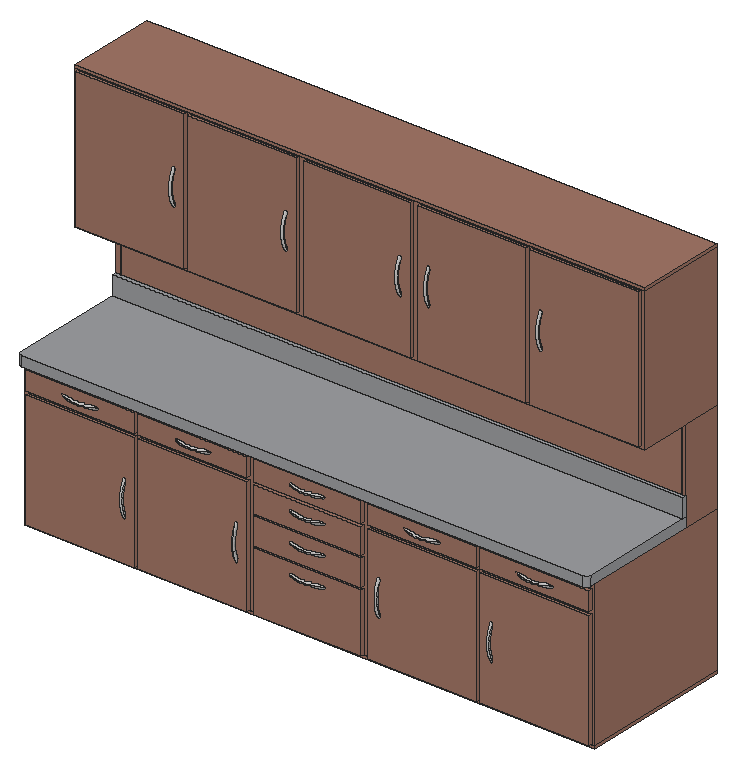
Revit family
Parameters (values of type "Mobile Cabinet")
  Depth = 2' - 0"
  Height = 3' - 0"
  Width = 4' - 0"
  Assembly Code = ""
Reference planes (in)
  plane 1 "Back": y = 0
  plane 2: z = 0
  plane 3 "Center (Left/Right)": x = 0.7377
  plane 4 "Left": x = -23.2623
  plane 5 "Right": x = 24.7377
  plane 6 "Front": y = -24
  plane 7 "Top": z = 36
Forms (in)
  Extrusion 1, solid, material "Cabinets"
    sketch origin (0, 0, 0) x (1, 0, 0) y (0, 1, 0)
      loop
        line (-23.2623, 4) -> (-27.2623, 4) -> (-27.2623, -28) -> (92.7377, -28) -> (92.7377, 4) -> (-23.2623, 4)
    from 3.95312 to 4.5
  Sweep 2, solid, material "Cabinets"
    path origin (0, 0, 0) x (1, 0, 0) y (0, 1, 0)
      loop
        line (92.7377, 4) -> (92.7377, -28) -> (-27.2623, -28) -> (-27.2623, 4)
    profile origin (-27.2623, -12, 0) x (-1, 0, 0) y (0, 0, 1)
      loop
        line (0, 4.5) -> (0, 35) -> (-1, 35) -> (-1, 4.5) -> (0, 4.5)
  Extrusion 3, solid, material "Cabinets"
    sketch origin (0, 0, 80.54687) x (1, 0, 0) y (0, 1, 0)
      loop
        line (-23.2623, 4) -> (-27.2623, 4) -> (-27.2623, -15) -> (92.7377, -15) -> (92.7377, 4) -> (-23.2623, 4)
    from 3.95312 to 4.5
  Extrusion 4, void
    sketch origin (0, -24, 0) x (1, 0, 0) y (0, 0, 1)
      loop
        line (-26.0123, 30) -> (-3.8873, 30) -> (-3.8873, 33.5) -> (-26.0123, 33.5) -> (-26.0123, 30)
      loop
        line (-2.3873, 30) -> (19.7377, 30) -> (19.7377, 33.5) -> (-2.3873, 33.5) -> (-2.3873, 30)
      loop
        line (45.9877, 30) -> (68.1127, 30) -> (68.1127, 33.5) -> (45.9877, 33.5) -> (45.9877, 30)
      loop
        line (69.6127, 30) -> (91.7377, 30) -> (91.7377, 33.5) -> (69.6127, 33.5) -> (69.6127, 30)
      loop
        line (21.7377, 33.5) -> (21.7377, 29.75) -> (43.7377, 29.75) -> (43.7377, 33.5) -> (21.7377, 33.5)
      loop
        line (21.7377, 28.75) -> (21.7377, 23.75) -> (43.7377, 23.75) -> (43.7377, 28.75) -> (21.7377, 28.75)
      loop
        line (43.7377, 22.75) -> (21.7377, 22.75) -> (21.7377, 17.75) -> (43.7377, 17.75) -> (43.7377, 22.75)
      loop
        line (45.7377, 28.75) -> (45.7377, 4.75) -> (68.1127, 4.75) -> (68.1127, 28.75) -> (45.7377, 28.75)
      loop
        line (21.7377, 4.75) -> (43.7377, 4.75) -> (43.7377, 16.75) -> (21.7377, 16.75) -> (21.7377, 4.75)
      loop
        line (69.3627, 28.75) -> (69.3627, 4.75) -> (91.7377, 4.75) -> (91.7377, 28.75) -> (69.3627, 28.75)
      loop
        line (-2.6373, 28.75) -> (-2.6373, 4.75) -> (19.7377, 4.75) -> (19.7377, 28.75) -> (-2.6373, 28.75)
      loop
        line (-26.2623, 28.75) -> (-26.2623, 4.75) -> (-3.8873, 4.75) -> (-3.8873, 28.75) -> (-26.2623, 28.75)
    from -3.34673 to 4.5
  Extrusion 5, solid, material "Cabinets"
    sketch origin (0, -24, 0) x (1, 0, 0) y (0, 0, 1)
      loop
        line (-26.5123, 29) -> (-26.5123, 4.5) -> (-3.6373, 4.5) -> (-3.6373, 29) -> (-26.5123, 29)
      loop
        line (-26.5123, 33.75) -> (-26.5123, 29.75) -> (-3.6373, 29.75) -> (-3.6373, 33.75) -> (-26.5123, 33.75)
      loop
        line (-2.8873, 29) -> (-2.8873, 4.5) -> (19.9877, 4.5) -> (19.9877, 29) -> (-2.8873, 29)
      loop
        line (-2.8873, 33.75) -> (-2.8873, 29.75) -> (19.9877, 29.75) -> (19.9877, 33.75) -> (-2.8873, 33.75)
      loop
        line (45.4877, 29) -> (45.4877, 4.5) -> (68.3627, 4.5) -> (68.3627, 29) -> (45.4877, 29)
      loop
        line (45.4877, 33.75) -> (45.4877, 29.75) -> (68.3627, 29.75) -> (68.3627, 33.75) -> (45.4877, 33.75)
      loop
        line (69.1127, 29) -> (69.1127, 4.5) -> (91.9877, 4.5) -> (91.9877, 29) -> (69.1127, 29)
      loop
        line (69.1127, 33.75) -> (69.1127, 29.75) -> (91.9877, 29.75) -> (91.9877, 33.75) -> (69.1127, 33.75)
      loop
        line (43.9877, 33.75) -> (21.4877, 33.75) -> (21.4877, 29.5) -> (43.9877, 29.5) -> (43.9877, 33.75)
      loop
        line (43.9877, 23.5) -> (43.9877, 29) -> (21.4877, 29) -> (21.4877, 23.5) -> (43.9877, 23.5)
      loop
        line (21.4877, 23) -> (21.4877, 17.5) -> (43.9877, 17.5) -> (43.9877, 23) -> (21.4877, 23)
      loop
        line (21.4877, 17) -> (21.4877, 4.5) -> (43.9877, 4.5) -> (43.9877, 17) -> (21.4877, 17)
    from 4 to 4.72508
  Sweep 6, solid, material "Cabinets - Handles"
    path origin (0, 0, 0) x (1, 0, 0) y (0, 1, 0)
      loop
        arc (-19.52024, -28) -> (-15.0748, -29.4711) -> (-10.62935, -28) r 7.45226
    profile origin (-15.0748, -29.4711, 0) x (0, 1, 0) y (0, 0, 1)
      loop
        circle (0, 31.75) r 0.25
  Sweep 7, solid, material "Cabinets - Handles"
    path origin (23.625, 0, 0) x (1, 0, 0) y (0, 1, 0)
      loop
        arc (-19.52024, -28) -> (-15.0748, -29.4711) -> (-10.62935, -28) r 7.45226
    profile origin (8.5502, -29.4711, 0) x (0, 1, 0) y (0, 0, 1)
      loop
        circle (0, 31.75) r 0.25
  Sweep 8, solid, material "Cabinets - Handles"
    path origin (72, 0, 0) x (1, 0, 0) y (0, 1, 0)
      loop
        arc (-19.52024, -28) -> (-15.0748, -29.4711) -> (-10.62935, -28) r 7.45226
    profile origin (56.9252, -29.4711, 0) x (0, 1, 0) y (0, 0, 1)
      loop
        circle (0, 31.75) r 0.25
  Sweep 9, solid, material "Cabinets - Handles"
    path origin (95.625, 0, 0) x (1, 0, 0) y (0, 1, 0)
      loop
        arc (-19.52024, -28) -> (-15.0748, -29.4711) -> (-10.62935, -28) r 7.45226
    profile origin (80.5502, -29.4711, 0) x (0, 1, 0) y (0, 0, 1)
      loop
        circle (0, 31.75) r 0.25
  Sweep 10, solid, material "Cabinets - Handles"
    path origin (47.6875, 0, 0) x (1, 0, 0) y (0, 1, 0)
      loop
        arc (-19.52024, -28) -> (-15.0748, -29.4711) -> (-10.62935, -28) r 7.45226
    profile origin (32.6127, -29.4711, 0) x (0, 1, 0) y (0, 0, 1)
      loop
        circle (0, 31.75) r 0.25
  Sweep 11, solid, material "Cabinets - Handles"
    path origin (47.6875, 0, -5) x (1, 0, 0) y (0, 1, 0)
      loop
        arc (-19.52024, -28) -> (-15.0748, -29.4711) -> (-10.62935, -28) r 7.45226
    profile origin (32.6127, -29.4711, -5) x (0, 1, 0) y (0, 0, 1)
      loop
        circle (0, 31.75) r 0.25
  Sweep 12, solid, material "Cabinets - Handles"
    path origin (47.6875, 0, -11) x (1, 0, 0) y (0, 1, 0)
      loop
        arc (-19.52024, -28) -> (-15.0748, -29.4711) -> (-10.62935, -28) r 7.45226
    profile origin (32.6127, -29.4711, -11) x (0, 1, 0) y (0, 0, 1)
      loop
        circle (0, 31.75) r 0.25
  Sweep 13, solid, material "Cabinets - Handles"
    path origin (47.6875, 0, -17) x (1, 0, 0) y (0, 1, 0)
      loop
        arc (-19.52024, -28) -> (-15.0748, -29.4711) -> (-10.62935, -28) r 7.45226
    profile origin (32.6127, -29.4711, -17) x (0, 1, 0) y (0, 0, 1)
      loop
        circle (0, 31.75) r 0.25
  Sweep 14, solid, material "Cabinets - Handles"
    path origin (-14.0123, 0, 1.8002) x (0, 0, -1) y (0, 1, 0)
      loop
        arc (-19.52024, -28) -> (-15.0748, -29.4711) -> (-10.62935, -28) r 7.45226
    profile origin (-14.0123, -29.4711, 16.875) x (1, 0, 0) y (0, 1, 0)
      loop
        circle (31.75, 0) r 0.25
  Sweep 15, solid, material "Cabinets - Handles"
    path origin (-37.6373, 0, 1.8002) x (0, 0, -1) y (0, 1, 0)
      loop
        arc (-19.52024, -28) -> (-15.0748, -29.4711) -> (-10.62935, -28) r 7.45226
    profile origin (-37.6373, -29.4711, 16.875) x (1, 0, 0) y (0, 1, 0)
      loop
        circle (31.75, 0) r 0.25
  Sweep 16, solid, material "Cabinets - Handles"
    path origin (79.4877, 0, 1.8002) x (0, 0, -1) y (0, -1, 0)
      loop
        arc (-19.52024, 28) -> (-15.0748, 29.4711) -> (-10.62935, 28) r 7.45226
    profile origin (79.4877, -29.4711, 16.875) x (-1, 0, 0) y (0, -1, 0)
      loop
        circle (31.75, 0) r 0.25
  Sweep 17, solid, material "Cabinets - Handles"
    path origin (103.1127, 0, 1.8002) x (0, 0, -1) y (0, -1, 0)
      loop
        arc (-19.52024, 28) -> (-15.0748, 29.4711) -> (-10.62935, 28) r 7.45226
    profile origin (103.1127, -29.4711, 16.875) x (-1, 0, 0) y (0, -1, 0)
      loop
        circle (31.75, 0) r 0.25
  Extrusion 18, solid, material "Cabinets"
    sketch origin (0, 0, 0) x (1, 0, 0) y (0, 1, 0)
      loop
        line (-26.2623, -4) -> (91.7377, -4) -> (91.7377, -3) -> (-26.2623, -3) -> (-26.2623, -4)
    from 3.95312 to 84.5
  Extrusion 19, solid, material "Granite Counter"
    sketch origin (0, 0, 36) x (0, -1, 0) y (1, 0, 0)
      loop
        line (4, -27.2623) -> (29, -27.2623)
        arc (29, -27.2623) -> (29.70711, -26.9694) -> (30, -26.2623) r 1
        line (30, -26.2623) -> (30, 91.7377)
        arc (30, 91.7377) -> (29.70711, 92.44481) -> (29, 92.7377) r 1
        line (29, 92.7377) -> (4, 92.7377) -> (4, -27.2623)
    from -1 to 1
  Sweep 20, solid, material "Cabinets"
    path origin (0, 0, 0) x (1, 0, 0) y (0, 1, 0)
      loop
        line (-27.2623, 4) -> (-27.2623, -15) -> (92.7377, -15) -> (92.7377, 4)
    profile origin (-27.2623, -5.5, 0) x (1, 0, 0) y (0, 0, 1)
      loop
        line (0, 84.5) -> (0, 54.5) -> (1, 54.5) -> (1, 84.5) -> (0, 84.5)
  Extrusion 21, solid, material "Cabinets"
    sketch origin (0, 0, 0) x (1, 0, 0) y (0, 1, 0)
      loop
        line (-26.2623, -4) -> (-26.2623, 4) -> (-27.2623, 4) -> (-27.2623, -4) -> (-26.2623, -4)
    from 35 to 54.5
  Extrusion 22, solid, material "Cabinets"
    sketch origin (119, 0, 0) x (1, 0, 0) y (0, 1, 0)
      loop
        line (-26.2623, -4) -> (-26.2623, 4) -> (-27.2623, 4) -> (-27.2623, -4) -> (-26.2623, -4)
    from 35 to 54.5
  Extrusion 23, solid, material "Cabinets"
    sketch origin (0, -24, 50.54687) x (1, 0, 0) y (0, 0, 1)
      loop
        line (-26.5123, 4.5) -> (-3.6373, 4.5) -> (-3.6373, 33.75) -> (-26.5123, 33.75) -> (-26.5123, 4.5)
      loop
        line (-2.8873, 4.5) -> (19.9877, 4.5) -> (19.9877, 33.75) -> (-2.8873, 33.75) -> (-2.8873, 4.5)
      loop
        line (45.4877, 4.5) -> (68.3627, 4.5) -> (68.3627, 33.75) -> (45.4877, 33.75) -> (45.4877, 4.5)
      loop
        line (69.1127, 4.5) -> (91.9877, 4.5) -> (91.9877, 33.75) -> (69.1127, 33.75) -> (69.1127, 4.5)
      loop
        line (43.9877, 33.75) -> (21.4877, 33.75) -> (21.4877, 4.5) -> (43.9877, 4.5) -> (43.9877, 33.75)
    from -9 to -8.32805
  Extrusion 24, solid, material "Cabinets"
    sketch origin (0, -24, 50.54687) x (1, 0, 0) y (0, 0, 1)
      loop
        line (-26.5123, 4.5) -> (-3.6373, 4.5) -> (-3.6373, 33.75) -> (-26.5123, 33.75) -> (-26.5123, 4.5)
      loop
        line (-2.8873, 4.5) -> (19.9877, 4.5) -> (19.9877, 33.75) -> (-2.8873, 33.75) -> (-2.8873, 4.5)
      loop
        line (45.4877, 4.5) -> (68.3627, 4.5) -> (68.3627, 33.75) -> (45.4877, 33.75) -> (45.4877, 4.5)
      loop
        line (69.1127, 4.5) -> (91.9877, 4.5) -> (91.9877, 33.75) -> (69.1127, 33.75) -> (69.1127, 4.5)
      loop
        line (43.9877, 33.75) -> (21.4877, 33.75) -> (21.4877, 4.5) -> (43.9877, 4.5) -> (43.9877, 33.75)
    from -10 to -9
  Sweep 25, solid, material "Cabinets - Handles"
    path origin (-14.0123, 13, 54.72208) x (0, 0, -1) y (0, 1, 0)
      loop
        arc (-19.52024, -28) -> (-15.0748, -29.4711) -> (-10.62935, -28) r 7.45226
    profile origin (-14.0123, -16.4711, 69.79687) x (1, 0, 0) y (0, 1, 0)
      loop
        circle (31.75, 0) r 0.25
  Sweep 26, solid, material "Cabinets - Handles"
    path origin (-37.6373, 13, 54.72208) x (0, 0, -1) y (0, 1, 0)
      loop
        arc (-19.52024, -28) -> (-15.0748, -29.4711) -> (-10.62935, -28) r 7.45226
    profile origin (-37.6373, -16.4711, 69.79687) x (1, 0, 0) y (0, 1, 0)
      loop
        circle (31.75, 0) r 0.25
  Sweep 27, solid, material "Cabinets - Handles"
    path origin (9.9877, 13, 54.72208) x (0, 0, -1) y (0, 1, 0)
      loop
        arc (-19.52024, -28) -> (-15.0748, -29.4711) -> (-10.62935, -28) r 7.45226
    profile origin (9.9877, -16.4711, 69.79687) x (1, 0, 0) y (0, 1, 0)
      loop
        circle (31.75, 0) r 0.25
  Sweep 28, solid, material "Cabinets - Handles"
    path origin (79.4877, 13, 54.72208) x (0, 0, -1) y (0, -1, 0)
      loop
        arc (-19.52024, 28) -> (-15.0748, 29.4711) -> (-10.62935, 28) r 7.45226
    profile origin (79.4877, -16.4711, 69.79687) x (-1, 0, 0) y (0, -1, 0)
      loop
        circle (31.75, 0) r 0.25
  Sweep 29, solid, material "Cabinets - Handles"
    path origin (103.1127, 13, 54.72208) x (0, 0, -1) y (0, -1, 0)
      loop
        arc (-19.52024, 28) -> (-15.0748, 29.4711) -> (-10.62935, 28) r 7.45226
    profile origin (103.1127, -16.4711, 69.79687) x (-1, 0, 0) y (0, -1, 0)
      loop
        circle (31.75, 0) r 0.25
  Extrusion 30, solid, material "Granite Counter"
    sketch origin (0, 0, 0) x (1, 0, 0) y (0, 0, 1)
      loop
        line (92.7377, 37) -> (92.7377, 41) -> (-27.2623, 41) -> (-27.2623, 37) -> (92.7377, 37)
    from 4 to 4.87275
Cuts and joins
  Extrusion 4 cuts Sweep 2
Dimensions and locks (in)
  "Depth": plane 6 "Front" to plane 1 "Back"
  "Width": plane 4 "Left" to plane 5 "Right"
  equal spacing: plane 4 "Left", plane 3 "Center (Left/Right)", plane 5 "Right"
  "Height": level to plane 7 "Top"
Automatic sketch dimensions
  Extrusion 1 sketch curve to plane 4 "Left" = 0' - 0"
  plane 4 "Left" to Extrusion 1 sketch curve = 0' - 4"
  Extrusion 1 sketch curve to plane 1 "Back" = 0' - 4"
  Extrusion 1 sketch curve to plane 5 "Right" = 5' - 8"
  plane 6 "Front" to Extrusion 1 sketch curve = 0' - 4"
  plane 4 "Left" to Sweep 2 sketch curve = 0' - 4"
  plane 6 "Front" to Sweep 2 sketch curve = 0' - 4"
  Sweep 2 sketch curve to plane 5 "Right" = 5' - 8"
  Sweep 2 sketch curve to plane 1 "Back" = 0' - 4"  (x2)
  Sweep 2 sketch curve to profile plane = 0' - 0"
  profile plane to Sweep 2 sketch curve = 0' - 1"
  level to Sweep 2 sketch curve = 0' - 4 1/2"
  Sweep 2 sketch curve to Sweep 2 sketch curve = 2' - 6 1/2"
  Extrusion 3 sketch curve to plane 4 "Left" = 0' - 0"
  plane 4 "Left" to Extrusion 3 sketch curve = 0' - 4"
  Extrusion 3 sketch curve to plane 1 "Back" = 0' - 4"
  Extrusion 3 sketch curve to plane 5 "Right" = 5' - 8"
  Extrusion 3 sketch curve to plane 6 "Front" = 0' - 9"
  plane 4 "Left" to Extrusion 4 sketch curve = 0' - 3"
  plane 4 "Left" to Extrusion 4 sketch curve = 0' - 2 3/4"
  Extrusion 4 sketch curve to plane 3 "Center (Left/Right)" = 0' - 4 5/8"
  Extrusion 4 sketch curve to Extrusion 4 sketch curve = 0' - 0"  (x16)
  Extrusion 4 sketch curve to Extrusion 4 sketch curve = 0' - 1 1/4"  (x6)
  Extrusion 4 sketch curve to Extrusion 4 sketch curve = 0' - 1 1/2"  (x2)
  plane 5 "Right" to Extrusion 4 sketch curve = 0' - 5"
  Extrusion 4 sketch curve to Extrusion 4 sketch curve = 0' - 2"  (x2)
  plane 5 "Right" to Extrusion 4 sketch curve = 0' - 3"
  Extrusion 4 sketch curve to plane 5 "Right" = 1' - 7"
  Extrusion 4 sketch curve to Extrusion 4 sketch curve = 0' - 0 1/4"
  level to Extrusion 4 sketch curve = 0' - 4 3/4"  (x3)
  Extrusion 4 sketch curve to Extrusion 4 sketch curve = 1' - 10 3/8"
  plane 7 "Top" to Extrusion 4 sketch curve = 0' - 2 1/2"  (x3)
  Extrusion 4 sketch curve to Extrusion 4 sketch curve = 1' - 10 1/8"
  Extrusion 4 sketch curve to Extrusion 4 sketch curve = 1' - 0"
  Extrusion 4 sketch curve to Extrusion 4 sketch curve = 0' - 1"  (x3)
  Extrusion 4 sketch curve to Extrusion 4 sketch curve = 0' - 5"
  Extrusion 4 sketch curve to Extrusion 4 sketch curve = 0' - 4 3/4"
  plane 7 "Top" to Extrusion 4 sketch curve = 0' - 7 1/4"
  plane 4 "Left" to Extrusion 5 sketch curve = 0' - 3 1/4"
  Extrusion 5 sketch curve to Extrusion 5 sketch curve = 0' - 0"  (x19)
  Extrusion 5 sketch curve to plane 3 "Center (Left/Right)" = 0' - 4 3/8"
  Extrusion 5 sketch curve to Extrusion 5 sketch curve = 0' - 0 3/4"  (x7)
  plane 7 "Top" to Extrusion 5 sketch curve = 0' - 2 1/4"  (x4)
  plane 5 "Right" to Extrusion 5 sketch curve = 0' - 4 3/4"
  plane 5 "Right" to Extrusion 5 sketch curve = 0' - 3 1/4"
  Extrusion 5 sketch curve to plane 5 "Right" = 1' - 7 1/4"
  level to Extrusion 5 sketch curve = 0' - 4 1/2"  (x3)
  Extrusion 5 sketch curve to Extrusion 5 sketch curve = 0' - 1 1/2"
  plane 7 "Top" to Extrusion 5 sketch curve = 0' - 7"
  Extrusion 5 sketch curve to Extrusion 5 sketch curve = 1' - 10 7/8"  (x2)
  Extrusion 5 sketch curve to Extrusion 5 sketch curve = 1' - 0 1/2"
  Extrusion 5 sketch curve to Extrusion 5 sketch curve = 0' - 0 1/2"  (x3)
  Extrusion 5 sketch curve to Extrusion 5 sketch curve = 0' - 5 1/2"
  Extrusion 5 sketch curve to Extrusion 5 sketch curve = 0' - 4 3/4"
  Sweep 6 sketch curve to plane 4 "Left" = 0' - 3.74206"
  Sweep 6 sketch curve to plane 6 "Front" = 0' - 1.98116"
  Sweep 6 sketch curve to Sweep 6 sketch curve = 0' - 4.44544"  (x2)
  plane 6 "Front" to Sweep 6 sketch curve = 0' - 4"
  Sweep 6 sketch curve to profile plane = 0' - 0"
  level to Sweep 6 sketch curve = 2' - 7 3/4"
  plane 3 "Center (Left/Right)" to Sweep 7 sketch curve = 0' - 3.36706"
  Sweep 7 sketch curve to plane 6 "Front" = 0' - 1.98116"
  Sweep 7 sketch curve to Sweep 7 sketch curve = 0' - 4.44544"  (x2)
  plane 6 "Front" to Sweep 7 sketch curve = 0' - 4"
  Sweep 7 sketch curve to profile plane = 0' - 0"
  level to Sweep 7 sketch curve = 2' - 7 3/4"
  plane 6 "Front" to Sweep 8 sketch curve = 0' - 4"  (x2)
  Sweep 8 sketch curve to plane 5 "Right" = 2' - 3.74206"
  Sweep 8 sketch curve to plane 6 "Front" = 0' - 1.98116"
  Sweep 8 sketch curve to Sweep 8 sketch curve = 0' - 4.44544"
  Sweep 8 sketch curve to profile plane = 0' - 0"
  level to Sweep 8 sketch curve = 2' - 7 3/4"
  plane 6 "Front" to Sweep 9 sketch curve = 0' - 4"  (x2)
  Sweep 9 sketch curve to plane 5 "Right" = 4' - 3.36706"
  Sweep 9 sketch curve to plane 6 "Front" = 0' - 1.98116"
  Sweep 9 sketch curve to Sweep 9 sketch curve = 0' - 4.44544"
  Sweep 9 sketch curve to profile plane = 0' - 0"
  level to Sweep 9 sketch curve = 2' - 7 3/4"
  Sweep 10 sketch curve to plane 5 "Right" = 0' - 3.42956"
  Sweep 10 sketch curve to plane 6 "Front" = 0' - 1.98116"
  Sweep 10 sketch curve to Sweep 10 sketch curve = 0' - 4.44544"  (x2)
  plane 6 "Front" to Sweep 10 sketch curve = 0' - 4"
  Sweep 10 sketch curve to profile plane = 0' - 0"
  level to Sweep 10 sketch curve = 2' - 7 3/4"
  Sweep 11 sketch curve to plane 5 "Right" = 0' - 3.42956"
  Sweep 11 sketch curve to plane 6 "Front" = 0' - 1.98116"
  Sweep 11 sketch curve to Sweep 11 sketch curve = 0' - 4.44544"  (x2)
  plane 6 "Front" to Sweep 11 sketch curve = 0' - 4"
  Sweep 11 sketch curve to profile plane = 0' - 0"
  profile plane to Sweep 11 sketch curve = 2' - 7 3/4"
  Sweep 12 sketch curve to plane 5 "Right" = 0' - 3.42956"
  Sweep 12 sketch curve to plane 6 "Front" = 0' - 1.98116"
  Sweep 12 sketch curve to Sweep 12 sketch curve = 0' - 4.44544"  (x2)
  plane 6 "Front" to Sweep 12 sketch curve = 0' - 4"
  Sweep 12 sketch curve to profile plane = 0' - 0"
  profile plane to Sweep 12 sketch curve = 2' - 7 3/4"
  Sweep 13 sketch curve to plane 5 "Right" = 0' - 3.42956"
  Sweep 13 sketch curve to plane 6 "Front" = 0' - 1.98116"
  Sweep 13 sketch curve to Sweep 13 sketch curve = 0' - 4.44544"  (x2)
  plane 6 "Front" to Sweep 13 sketch curve = 0' - 4"
  Sweep 13 sketch curve to profile plane = 0' - 0"
  profile plane to Sweep 13 sketch curve = 2' - 7 3/4"
  plane 6 "Front" to Sweep 14 sketch curve = 0' - 4"  (x2)
  plane 7 "Top" to Sweep 14 sketch curve = 1' - 2.67956"
  Sweep 14 sketch curve to plane 6 "Front" = 0' - 1.98116"
  Sweep 14 sketch curve to Sweep 14 sketch curve = 0' - 4.44544"
  Sweep 14 sketch curve to profile plane = 0' - 0"
  profile plane to Sweep 14 sketch curve = 2' - 7 3/4"
  plane 6 "Front" to Sweep 15 sketch curve = 0' - 4"  (x2)
  plane 7 "Top" to Sweep 15 sketch curve = 1' - 2.67956"
  Sweep 15 sketch curve to plane 6 "Front" = 0' - 1.98116"
  Sweep 15 sketch curve to Sweep 15 sketch curve = 0' - 4.44544"
  Sweep 15 sketch curve to profile plane = 0' - 0"
  profile plane to Sweep 15 sketch curve = 2' - 7 3/4"
  plane 6 "Front" to Sweep 16 sketch curve = 0' - 4"  (x2)
  plane 7 "Top" to Sweep 16 sketch curve = 1' - 2.67956"
  Sweep 16 sketch curve to plane 6 "Front" = 0' - 1.98116"
  Sweep 16 sketch curve to Sweep 16 sketch curve = 0' - 4.44544"
  Sweep 16 sketch curve to profile plane = 0' - 0"
  profile plane to Sweep 16 sketch curve = 2' - 7 3/4"
  plane 6 "Front" to Sweep 17 sketch curve = 0' - 4"  (x2)
  plane 7 "Top" to Sweep 17 sketch curve = 1' - 2.67956"
  Sweep 17 sketch curve to plane 6 "Front" = 0' - 1.98116"
  Sweep 17 sketch curve to Sweep 17 sketch curve = 0' - 4.44544"
  Sweep 17 sketch curve to profile plane = 0' - 0"
  profile plane to Sweep 17 sketch curve = 2' - 7 3/4"
  plane 4 "Left" to Extrusion 18 sketch curve = 0' - 3"
  plane 1 "Back" to Extrusion 18 sketch curve = 0' - 3"
  Extrusion 18 sketch curve to plane 5 "Right" = 5' - 7"
  Extrusion 18 sketch curve to Extrusion 18 sketch curve = 0' - 1"
  plane 1 "Back" to Extrusion 19 sketch curve = 0' - 4"
  plane 6 "Front" to Extrusion 19 sketch curve = 0' - 5"  (x2)
  Extrusion 19 sketch curve to Extrusion 19 sketch curve = 0' - 1"
  plane 4 "Left" to Extrusion 19 sketch curve = 0' - 4"
  Extrusion 19 sketch curve to plane 5 "Right" = 5' - 7"
  plane 4 "Left" to Sweep 20 sketch curve = 0' - 4"
  Sweep 20 sketch curve to plane 6 "Front" = 0' - 9"
  Sweep 20 sketch curve to plane 5 "Right" = 5' - 8"
  Sweep 20 sketch curve to plane 1 "Back" = 0' - 4"  (x2)
  Sweep 20 sketch curve to profile plane = 0' - 0"
  Sweep 20 sketch curve to Sweep 20 sketch curve = 0' - 1"
  level to Sweep 20 sketch curve = 4' - 6 1/2"
  Sweep 20 sketch curve to Sweep 20 sketch curve = 2' - 6"
  plane 4 "Left" to Extrusion 21 sketch curve = 0' - 4"
  Extrusion 21 sketch curve to Extrusion 21 sketch curve = 0' - 1"
  plane 1 "Back" to Extrusion 21 sketch curve = 0' - 4"
  Extrusion 21 sketch curve to plane 1 "Back" = 0' - 4"
  plane 1 "Back" to Extrusion 22 sketch curve = 0' - 4"
  Extrusion 22 sketch curve to plane 5 "Right" = 5' - 7"
  Extrusion 22 sketch curve to Extrusion 22 sketch curve = 0' - 1"
  Extrusion 22 sketch curve to plane 1 "Back" = 0' - 4"
  plane 4 "Left" to Extrusion 23 sketch curve = 0' - 3 1/4"
  Extrusion 23 sketch curve to plane 3 "Center (Left/Right)" = 0' - 4 3/8"
  Extrusion 23 sketch curve to Extrusion 23 sketch curve = 0' - 0 3/4"  (x2)
  plane 5 "Right" to Extrusion 23 sketch curve = 0' - 4 3/4"
  Extrusion 23 sketch curve to Extrusion 23 sketch curve = 0' - 1 1/2"  (x2)
  Extrusion 23 sketch curve to plane 5 "Right" = 1' - 7 1/4"
  Extrusion 23 sketch curve to Extrusion 23 sketch curve = 1' - 10 7/8"  (x2)
  Extrusion 23 sketch curve to plane 7 "Top" = 1' - 7 3/64"  (x3)
  Extrusion 23 sketch curve to Extrusion 23 sketch curve = 0' - 0"  (x6)
  Extrusion 23 sketch curve to Extrusion 23 sketch curve = 2' - 5 1/4"
  plane 4 "Left" to Extrusion 24 sketch curve = 0' - 3 1/4"
  Extrusion 24 sketch curve to plane 3 "Center (Left/Right)" = 0' - 4 3/8"
  Extrusion 24 sketch curve to Extrusion 24 sketch curve = 0' - 0 3/4"  (x2)
  plane 5 "Right" to Extrusion 24 sketch curve = 0' - 4 3/4"
  Extrusion 24 sketch curve to Extrusion 24 sketch curve = 0' - 1 1/2"  (x2)
  Extrusion 24 sketch curve to plane 5 "Right" = 1' - 7 1/4"
  Extrusion 24 sketch curve to Extrusion 24 sketch curve = 1' - 10 7/8"  (x2)
  Extrusion 24 sketch curve to plane 7 "Top" = 1' - 7 3/64"  (x3)
  Extrusion 24 sketch curve to Extrusion 24 sketch curve = 0' - 0"  (x6)
  Extrusion 24 sketch curve to Extrusion 24 sketch curve = 2' - 5 1/4"
  Sweep 25 sketch curve to plane 6 "Front" = 0' - 9"
  Sweep 25 sketch curve to plane 7 "Top" = 3' - 2.24232"
  Sweep 25 sketch curve to Sweep 25 sketch curve = 0' - 4.44544"  (x2)
  Sweep 25 sketch curve to Sweep 25 sketch curve = 0' - 5.98116"
  Sweep 25 sketch curve to profile plane = 0' - 0"
  profile plane to Sweep 25 sketch curve = 2' - 7 3/4"
  Sweep 26 sketch curve to plane 6 "Front" = 0' - 9"
  Sweep 26 sketch curve to plane 7 "Top" = 3' - 2.24232"
  Sweep 26 sketch curve to Sweep 26 sketch curve = 0' - 4.44544"  (x2)
  Sweep 26 sketch curve to Sweep 26 sketch curve = 0' - 5.98116"
  Sweep 26 sketch curve to profile plane = 0' - 0"
  profile plane to Sweep 26 sketch curve = 2' - 7 3/4"
  Sweep 27 sketch curve to plane 6 "Front" = 0' - 9"
  Sweep 27 sketch curve to plane 7 "Top" = 3' - 2.24232"
  Sweep 27 sketch curve to Sweep 27 sketch curve = 0' - 4.44544"  (x2)
  Sweep 27 sketch curve to Sweep 27 sketch curve = 0' - 5.98116"
  Sweep 27 sketch curve to profile plane = 0' - 0"
  profile plane to Sweep 27 sketch curve = 2' - 7 3/4"
  Sweep 28 sketch curve to plane 6 "Front" = 0' - 9"
  Sweep 28 sketch curve to plane 7 "Top" = 3' - 2.24232"
  Sweep 28 sketch curve to Sweep 28 sketch curve = 0' - 4.44544"  (x2)
  Sweep 28 sketch curve to Sweep 28 sketch curve = 0' - 5.98116"
  Sweep 28 sketch curve to profile plane = 0' - 0"
  profile plane to Sweep 28 sketch curve = 2' - 7 3/4"
  Sweep 29 sketch curve to plane 6 "Front" = 0' - 9"
  Sweep 29 sketch curve to plane 7 "Top" = 3' - 2.24232"
  Sweep 29 sketch curve to Sweep 29 sketch curve = 0' - 4.44544"  (x2)
  Sweep 29 sketch curve to Sweep 29 sketch curve = 0' - 5.98116"
  Sweep 29 sketch curve to profile plane = 0' - 0"
  profile plane to Sweep 29 sketch curve = 2' - 7 3/4"
  Extrusion 30 sketch curve to plane 7 "Top" = 0' - 1"
  plane 4 "Left" to Extrusion 30 sketch curve = 0' - 4"
  Extrusion 30 sketch curve to plane 7 "Top" = 0' - 5"
  Extrusion 30 sketch curve to plane 5 "Right" = 5' - 8"
  radius of Sweep 6 sketch curve = 0' - 0 1/4"
  radius of Sweep 7 sketch curve = 0' - 0 1/4"
  radius of Sweep 8 sketch curve = 0' - 0 1/4"
  radius of Sweep 9 sketch curve = 0' - 0 1/4"
  radius of Sweep 10 sketch curve = 0' - 0 1/4"
  radius of Sweep 11 sketch curve = 0' - 0 1/4"
  radius of Sweep 12 sketch curve = 0' - 0 1/4"
  radius of Sweep 13 sketch curve = 0' - 0 1/4"
  radius of Sweep 14 sketch curve = 0' - 0 1/4"
  radius of Sweep 15 sketch curve = 0' - 0 1/4"
  radius of Sweep 16 sketch curve = 0' - 0 1/4"
  radius of Sweep 17 sketch curve = 0' - 0 1/4"
  radius of Sweep 25 sketch curve = 0' - 0 1/4"
  radius of Sweep 26 sketch curve = 0' - 0 1/4"
  radius of Sweep 27 sketch curve = 0' - 0 1/4"
  radius of Sweep 28 sketch curve = 0' - 0 1/4"
  radius of Sweep 29 sketch curve = 0' - 0 1/4"
